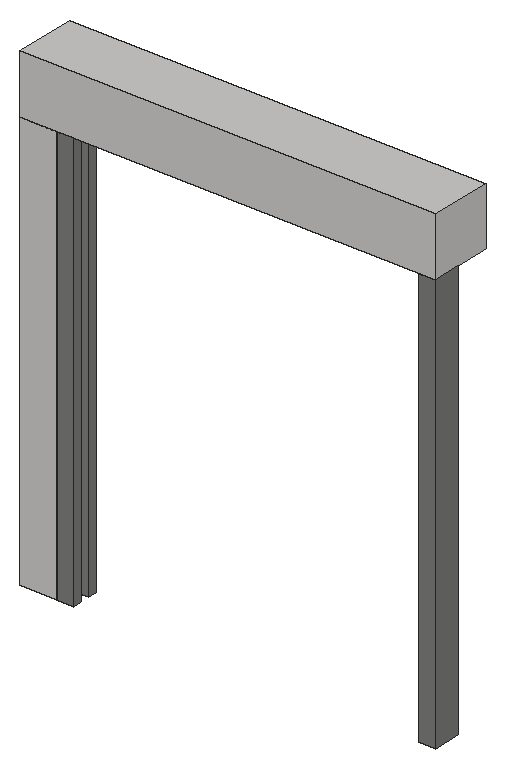
Revit family "AQ0018_Profil Prisme EXCLUSIVE", category Portes, Revit 2024
Family settings
  Hôte = Mur
  Numéro OmniClass = 23.30.10.00
  Titre OmniClass = Doors
  Toujours verticalement = Oui
  Couper avec des vides une fois chargée = Non
  Partagée = Non
  Repère de localisation dans la pièce = Non
Parameters
  Profondeur_Montant_Industrie = 95 mm
  Position Ouvert [instance] = yes
  Position Fermée [instance] = not(Position Ouvert)  # no
  Montant Industrie [instance] = yes
  Montant Agro [instance] = not(Montant Industrie)  # no
  Largeur_Montant_Industrie = 160 mm
  Hauteur_Volet = 341.5 mm
  Hauteur_Ouverture_Porte = 1320 mm
  Hauteur_Boite_Elec = 1000 mm
  Haut_Volet_Roulant = 391 mm
  Fonction = Intérieur
  Projection - Ext. de l'encadrement = 25 mm
  Projection Int. de l'encadrement = 25 mm
  Largeur du cadre = 75 mm
  Height [instance] = 2378 mm
  Fermeture du mur = Par hôte
  Width [instance] = 2000 mm
  Ebrasement = 20 mm
  Définir les propriétés thermiques par = Type schématique
  Dim_Boite_Elec_Largeur = 400 mm
  Dim_Boit_Elec_Longueur = 400 mm
  Decalage_Boite_Elec = 200 mm
  Construction analytique = "<Aucun>"
Reference planes
  plane 1: y = 0
  plane 2 "Centre (gauche/droite)": x = 0
  plane 3 "Gauche": x = -1000
  plane 4 "Droite": x = 1000
  plane 5: z = 2378
  plane 6 "Extérieur": y = 75
  plane 7 "Intérieur": y = -75
  plane 8: y = 235
  plane 9: x = -1095
  plane 10: y = 235
  plane 11: x = 1095
  plane 12: y = 155
  plane 13: y = 155
  plane 14: z = 2769
  plane 15: z = 2427.5
  plane 16: x = -1310
  plane 17: y = 155.5
Forms (mm)
  Extrusion 1, solid, material "Acier", visible <- "Montant Industrie"
    sketch origin (0, 0, 0) x (1, 0, 0) y (0, 1, 0)
      loop
        line (1095, 235) -> (1000, 235) -> (1000, 185) -> (1078, 185) -> (1078, 125) -> (1000, 125) -> (1000, 75) -> (1095, 75) -> (1095, 235)
      loop
        line (-1000, 75) -> (-1000, 125) -> (-1078, 125) -> (-1078, 185) -> (-1000, 185) -> (-1000, 235) -> (-1095, 235) -> (-1095, 75) -> (-1000, 75)
    from 0 to 2427.5
  Extrusion 2, solid, material "Acier fin"
    sketch origin (0, 75, 0) x (1, 0, 0) y (0, 0, 1)
      loop
        line (1095, 2769) -> (-1310, 2769) -> (-1310, 2427.5) -> (1095, 2427.5) -> (1095, 2769)
    from 0 to -361.5
  Extrusion 3, solid, material "Acier fin"
    sketch origin (0, 0, 0) x (0, 1, 0) y (0, 0, 1)
      loop
        line (436.5, 2427.5) -> (75, 2427.5) -> (75, 0) -> (235, 0) -> (235, 2150) -> (436.5, 2427.5)
    from -1310 to -1095
  Extrusion 4, solid, material "Bleu", visible <- "Position Fermée"
    sketch origin (0, 75, 0) x (1, 0, 0) y (0, 0, 1)
      loop
        line (1071.5, 2427.5) -> (-1071.5, 2427.5) -> (-1071.5, 0) -> (1071.5, 0) -> (1071.5, 2427.5)
      loop
        line (921.5, 1720) -> (75, 1720) -> (75, 1320) -> (921.5, 1320) -> (921.5, 1720)
      loop
        line (-75, 1720) -> (-921.5, 1720) -> (-921.5, 1320) -> (-75, 1320) -> (-75, 1720)
    from -79.5 to -80.5
  Extrusion 5, solid, material "Noir", visible <- "Position Fermée"
    sketch origin (0, 0, 0) x (0, 1, 0) y (0, 0, 1)
      loop
        line (155.5, 0) -> (166, 0) -> (166, 232.5) -> (156.5, 251.17) -> (156.5, 270) -> (155.5, 270) -> (155.5, 0)
    from -1071.5 to 1071.5
  Extrusion 6, solid, material "Noir", visible <- "Position Fermée"
    sketch origin (0, 0, 250) x (0, 1, 0) y (0, 0, 1)
      loop
        line (155, 86) -> (156.5, 86) -> (156.5, 106) -> (166, 123.5) -> (166, 158.5) -> (156.5, 177.17) -> (156.5, 196) -> (155, 196) -> (155, 86)
    from -1071.5 to 1071.5
  Extrusion 7, solid, material "Noir", visible <- "Position Fermée"
    sketch origin (0, 0, 1090) x (0, 1, 0) y (0, 0, 1)
      loop
        line (155, 86) -> (156.5, 86) -> (156.5, 106) -> (166, 123.5) -> (166, 158.5) -> (156.5, 177.17) -> (156.5, 196) -> (155, 196) -> (155, 86)
    from -1071.5 to 1071.5
  Extrusion 8, solid, material "Noir", visible <- "Position Fermée"
    sketch origin (0, 0, 1670) x (0, 1, 0) y (0, 0, 1)
      loop
        line (155.5, 86) -> (156.5, 86) -> (156.5, 106) -> (166, 123.5) -> (166, 158.5) -> (156.5, 177.17) -> (156.5, 196) -> (155.5, 196) -> (155.5, 86)
    from -1071.5 to 1078
  Extrusion 9, solid, material "Noir", visible <- "Position Ouvert"
    sketch origin (0, 0, 2293) x (0, 1, 0) y (0, 0, 1)
      loop
        line (155.5, 85) -> (156.5, 85) -> (156.5, 105) -> (166, 122.5) -> (166, 157.5) -> (156.5, 176.17) -> (156.5, 195) -> (155.5, 195) -> (155.5, 85)
    from -1078 to 1078
  Extrusion 10, solid, material "Bleu", visible <- "Position Ouvert"
    sketch origin (0, 75, -2660) x (1, 0, 0) y (0, 0, 1)
      loop
        line (1071.5, 5087.5) -> (-1071.5, 5087.5) -> (-1071.5, 5038) -> (1071.5, 5038) -> (1071.5, 5087.5)
    from -79.5 to -80.5
  Extrusion 11, solid, material "Acier", visible <- "Montant Agro"
    sketch origin (0, 0, 0) x (1, 0, 0) y (0, 1, 0)
      loop
        line (1095, 235) -> (1000, 235) -> (1000, 185) -> (1092, 185) -> (1092, 125) -> (1000, 125) -> (1000, 75) -> (1095, 75) -> (1095, 235)
      loop
        line (-1000, 75) -> (-1000, 125) -> (-1092, 125) -> (-1092, 185) -> (-1000, 185) -> (-1000, 235) -> (-1095, 235) -> (-1095, 75) -> (-1000, 75)
    from 0 to 2427.5
Lines and regions (mm)
  Opening 1
    outline origin (-3050, -75, 0) x (1, 0, 0) y (0, 0, 1)
      loop
        line (2050, 0) -> (4050, 0) -> (4050, 2378) -> (2050, 2378) -> (2050, 0)
  symbolic lines, style "Sens d'ouverture de l'élévation"
    curve 1: line (1000, -75, 1189) -> (-1000, -75, 2378)
    curve 2: line (1000, -75, 1189) -> (-1000, -75, 0)
Text (mm)
  text "Extérieur" at (-2295.016, 1099.543, 0), in view "Niveau de réf."
  text "Extérieur" at (0, 1615.38, 3698.081), in view "Gauche"
  text "Extérieur" at (0, 1036.032, 3874.932), in view "Droite"
Dimensions and locks
  equal spacing: plane 3 "Gauche", plane 2 "Centre (gauche/droite)", plane 4 "Droite"
  "Width": plane 3 "Gauche" to plane 4 "Droite"
  "Height": plane 5 to host wall
  equal spacing: host wall, curve 2, plane 5
  host wall to plane 5 = 2378 mm
  locked: plane 6 "Extérieur" to host wall
  locked: plane 7 "Intérieur" to host wall
  "Profondeur_Montant_Industrie": plane 9 to plane 3 "Gauche"
  "Profondeur_Montant_Industrie": plane 4 "Droite" to plane 11
  "Largeur_Montant_Industrie": plane 6 "Extérieur" to plane 8
  "Largeur_Montant_Industrie": plane 6 "Extérieur" to plane 10
  equal spacing: plane 6 "Extérieur", plane 12, plane 10
  equal spacing: plane 8, plane 13, plane 6 "Extérieur"
  locked: plane 6 "Extérieur" to Extrusion 1 sketch curve at 50  (x2)
  locked: Extrusion 1 sketch curve to plane 10 at 50
  locked: Extrusion 1 sketch curve to plane 11 at 17
  locked: plane 8 to Extrusion 1 sketch curve at 50
  locked: plane 9 to Extrusion 1 sketch curve at 17
  "Haut_Volet_Roulant": plane 5 to plane 14
  "Hauteur_Volet": plane 15 to plane 14
  locked: plane 16 to plane 9 at 215
  locked: plane 4 "Droite" to Extrusion 4 sketch curve at 71.5
  locked: Extrusion 4 sketch curve to plane 3 "Gauche" at 71.5
  locked: Extrusion 4 sketch curve to Extrusion 4 sketch curve at 150  (x3)
  locked: Extrusion 4 sketch curve to Extrusion 4 sketch curve at 400  (x2)
  "Hauteur_Ouverture_Porte": Extrusion 4 sketch curve to Extrusion 4 sketch curve
  locked: plane 17 to plane 13 at 0.5
  locked: plane 17 to Extrusion 5 sketch curve at 10.5
  locked: Extrusion 5 sketch curve to Extrusion 5 sketch curve at 18.83
  locked: Extrusion 5 sketch curve to Extrusion 5 sketch curve at 37.5
  locked: plane 17 to Extrusion 5 sketch curve at 1
  locked: Extrusion 6 sketch curve to Extrusion 6 sketch curve at 110
  locked: Extrusion 6 sketch curve to Extrusion 6 sketch curve at 18.83
  locked: Extrusion 6 sketch curve to Extrusion 6 sketch curve at 20
  locked: Extrusion 6 sketch curve to Extrusion 6 sketch curve at 35
  locked: Extrusion 6 sketch curve to Extrusion 6 sketch curve at 37.5
  Extrusion 6 sketch curve to Extrusion 6 sketch curve = 37.5 mm
  locked: Extrusion 7 sketch curve to Extrusion 7 sketch curve at 110
  locked: Extrusion 7 sketch curve to Extrusion 7 sketch curve at 18.83
  locked: Extrusion 7 sketch curve to Extrusion 7 sketch curve at 20
  locked: Extrusion 7 sketch curve to Extrusion 7 sketch curve at 35
  locked: Extrusion 7 sketch curve to Extrusion 7 sketch curve at 37.5
  Extrusion 7 sketch curve to Extrusion 7 sketch curve = 37.5 mm
  locked: Extrusion 8 sketch curve to Extrusion 8 sketch curve at 110
  locked: Extrusion 8 sketch curve to Extrusion 8 sketch curve at 18.83
  locked: Extrusion 8 sketch curve to Extrusion 8 sketch curve at 20
  locked: Extrusion 8 sketch curve to Extrusion 8 sketch curve at 35
  locked: Extrusion 8 sketch curve to Extrusion 8 sketch curve at 37.5
  Extrusion 8 sketch curve to Extrusion 8 sketch curve = 37.5 mm
  locked: Extrusion 7 to Extrusion 8 at 470
  Extrusion 6 to Extrusion 7 = 730 mm
  Extrusion 5 to Extrusion 6 = 66 mm
  locked: Extrusion 9 sketch curve to Extrusion 9 sketch curve at 110
  locked: Extrusion 9 sketch curve to Extrusion 9 sketch curve at 18.83
  locked: Extrusion 9 sketch curve to Extrusion 9 sketch curve at 20
  locked: Extrusion 9 sketch curve to Extrusion 9 sketch curve at 35
  locked: Extrusion 9 sketch curve to Extrusion 9 sketch curve at 37.5
  Extrusion 9 sketch curve to Extrusion 9 sketch curve = 37.5 mm
  locked: Extrusion 10 sketch curve to plane 9 at 23.5
  locked: plane 11 to Extrusion 10 sketch curve at 23.5
  Extrusion 5 sketch curve to level = 270 mm
  locked: Extrusion 5 to Extrusion 6 sketch curve at 66
  Extrusion 7 sketch curve to level = 1176 mm
  plane 4 "Droite" to Extrusion 1 = 95 mm
  "Profondeur_Montant_Industrie": plane 4 "Droite" to Extrusion 11 sketch curve
  "Largeur_Montant_Industrie": plane 6 "Extérieur" to Extrusion 11 sketch curve  (x2)
  locked: plane 6 "Extérieur" to Extrusion 11 sketch curve at 50  (x2)
  locked: Extrusion 11 sketch curve to Extrusion 11 sketch curve at 50  (x2)
  locked: Extrusion 11 sketch curve to plane 11 at 3
  "Profondeur_Montant_Industrie": Extrusion 11 sketch curve to plane 3 "Gauche"
  locked: plane 9 to Extrusion 11 sketch curve at 3
  aligned and locked: plane 3 "Gauche" to Opening 1 sketch curve
  aligned and locked: plane 5 to Opening 1 sketch curve  (x2)
  aligned and locked: Opening 1 sketch curve to plane 4 "Droite"
  aligned and locked: Opening 1 sketch curve to level
  aligned and locked: plane 5 to curve 1
  aligned and locked: plane 3 "Gauche" to curve 2
  aligned and locked: plane 1 to host wall
  aligned and locked: plane 3 "Gauche" to curve 1
  aligned and locked: Extrusion 1 sketch curve to plane 10
  aligned and locked: Extrusion 1 sketch curve to plane 6 "Extérieur"  (x2)
  aligned and locked: Extrusion 1 sketch curve to plane 4 "Droite"  (x2)
  aligned and locked: Extrusion 1 sketch curve to plane 11
  aligned and locked: Extrusion 1 sketch curve to plane 9
  aligned and locked: Extrusion 1 sketch curve to plane 8
  aligned and locked: Extrusion 1 sketch curve to plane 3 "Gauche"
  aligned and locked: Extrusion 2 sketch curve to plane 16
  aligned and locked: Extrusion 2 sketch curve to plane 14
  aligned and locked: Extrusion 2 sketch curve to plane 15
  aligned and locked: Extrusion 2 sketch curve to plane 11
  aligned and locked: Extrusion 1 to plane 15
  aligned and locked: plane 15 to Extrusion 3 sketch curve
  aligned and locked: host wall to Extrusion 3 sketch curve
  aligned and locked: Extrusion 3 to plane 16
  aligned and locked: plane 9 to Extrusion 3
  aligned and locked: Extrusion 4 sketch curve to level
  aligned and locked: Extrusion 4 sketch curve to plane 15
  aligned and locked: Extrusion 4 sketch curve to Extrusion 4 sketch curve
  aligned and locked: plane 17 to Extrusion 4
  aligned and locked: Extrusion 5 sketch curve to plane 17
  aligned and locked: Extrusion 5 to Extrusion 4
  aligned and locked: Extrusion 4 to Extrusion 5
  aligned and locked: Extrusion 6 sketch curve to Extrusion 6 sketch curve
  aligned and locked: Extrusion 4 to Extrusion 6
  aligned and locked: Extrusion 6 to Extrusion 4
  aligned and locked: Extrusion 7 sketch curve to Extrusion 7 sketch curve
  aligned and locked: Extrusion 7 to Extrusion 4
  aligned and locked: Extrusion 4 to Extrusion 7
  aligned and locked: plane 13 to Extrusion 7
  aligned and locked: plane 13 to Extrusion 6
  aligned and locked: Extrusion 8 sketch curve to Extrusion 8 sketch curve
  aligned and locked: Extrusion 8 to Extrusion 1
  aligned and locked: Extrusion 4 to Extrusion 8
  aligned and locked: Extrusion 8 to Extrusion 4
  aligned and locked: Extrusion 5 sketch curve to level
  aligned and locked: Extrusion 9 sketch curve to Extrusion 9 sketch curve
  aligned and locked: Extrusion 9 to Extrusion 1  (x2)
  aligned and locked: Extrusion 9 to Extrusion 4
  aligned and locked: Extrusion 10 sketch curve to plane 15
  aligned and locked: Extrusion 10 sketch curve to plane 5
  aligned and locked: Extrusion 3 sketch curve to level
  aligned and locked: Extrusion 3 sketch curve to Extrusion 1
  aligned and locked: Extrusion 11 sketch curve to plane 4 "Droite"  (x2)
  aligned and locked: Extrusion 11 sketch curve to plane 6 "Extérieur"  (x2)
  aligned and locked: Extrusion 11 sketch curve to plane 3 "Gauche"  (x2)
Automatic sketch dimensions
  curve 2 to level = 0 mm
  plane 4 "Droite" to curve 2 = 0 mm
  Extrusion 1 sketch curve to plane 3 "Gauche" = 0 mm
  plane 8 to Extrusion 3 sketch curve = 201.5 mm
  plane 5 to Extrusion 3 sketch curve = 228 mm
  Extrusion 6 sketch curve to plane 12 = 0 mm
  plane 17 to Extrusion 6 sketch curve = 1 mm
  plane 17 to Extrusion 6 sketch curve = 10.5 mm
  Extrusion 7 sketch curve to plane 12 = 0 mm
  plane 17 to Extrusion 7 sketch curve = 1 mm
  plane 17 to Extrusion 7 sketch curve = 10.5 mm
  Extrusion 8 sketch curve to plane 17 = 0 mm
  plane 17 to Extrusion 8 sketch curve = 1 mm
  plane 17 to Extrusion 8 sketch curve = 10.5 mm
  plane 5 to Extrusion 8 sketch curve = 622 mm
  plane 5 to Extrusion 9 sketch curve = 0 mm
  Extrusion 9 sketch curve to plane 17 = 0 mm
  plane 17 to Extrusion 9 sketch curve = 1 mm
  plane 17 to Extrusion 9 sketch curve = 10.5 mm
  Extrusion 4 sketch curve to plane 2 "Centre (gauche/droite)" = 75 mm
